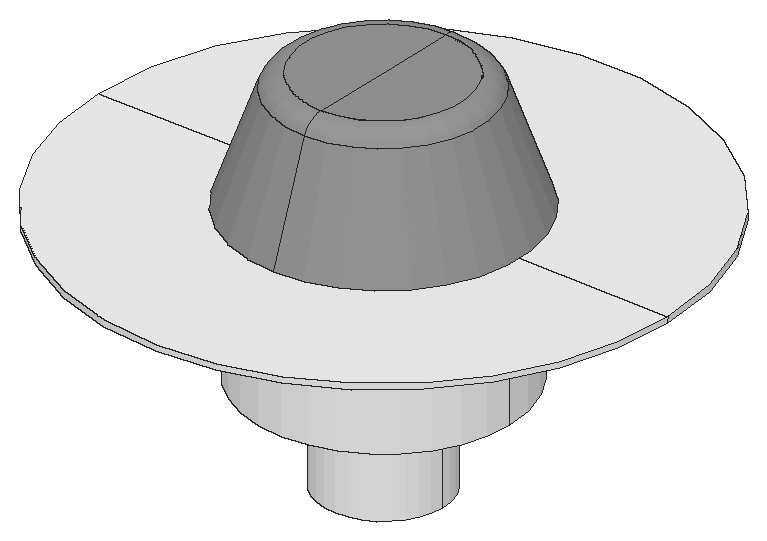
Revit family "HL_RU_Roof drain_HL62P-B-221103", category Sanitärinstallationen, Revit 2020
Family settings
  Bemaßung runder Anschluss = Durchmesser verwenden
  Teiletyp = Normal
  OmniClass-Nummer = 23.70.50.21.24.14
  OmniClass-Titel = Deck Waste Water Drains
  Arbeitsebenenbasiert = Nein
  Immer vertikal = Ja
  Beim Laden mit Abzugskörper schneiden = Nein
  Gemeinsam genutzt = Nein
  Raumberechnungspunkt = Ja
Parameters (values of type "HL_Кровельная воронка_HL62P_7")
  РЕШЁТКА = "Laubfangkorb d 145 mm"
  РАЗМЕР = "DN75"
  ПРОПУСКНАЯ СПОСОБНОСТЬ [instance] = 0.0 L/s
  ПРОИЗВОДИТЕЛЬНОСТЬ = "7,4 l/s"
  ПРАВОВАЯ ИНФОРМАЦИЯ = "Авторские права(©), права на дизайн или какие либо другие права интелектуальной собственности являются исключительной собственностью компании HL Hutterer & Lechner. Изменению не подлежит. Файл семейства с данными о прозводителе изделия защищен паролем с водяным знаком."
  НОМИНАЛЬНЫЙ ДИАМЕТР = 75 mm
  МАТЕРИАЛ = "PP/PVC"
  ВЫСОТА МОНТАЖА = "100 mm"
  ВЕС = "1,24 [kg]"
  Vorgabe-Ansicht = 0 mm
  Hersteller = "HL Hutterer & Lechner GmbH"  # constant formula
  URL = "http://www.hutterer-lechner.com/ru/products/catalog/roof-drains/HL62P/7.aspx"
  Материал плитка [instance] = none
  Lüftungsverbindung = no
  Abwasserrohrverbindung = yes
  HW-Verbindung = no
  KW-Verbindung = no
  Beschreibung = "Кровельные воронки"
  Model = "HL62P_7"
  Assembly Code = " "
  Typenkommentare = "HL62P/7 Кровельная воронка DN75 с ПВХ_консолью,"
  Keynote = "HL62P_7"
  Bысота монтажа [instance] = 0 mm  # constant formula
  G [instance] = 180.00°  # constant formula
  EAN = "9003076022144"
  D [instance] = if(НОМИНАЛЬНЫЙ ДИАМЕТР = 75 mm, 58 mm, 60 mm) + Bысота монтажа  # 58 mm
  C [instance] = if(Bысота монтажа - 68 mm < 0 mm, 0 mm, Bысота монтажа - 68 mm)  # 0 mm
  B [instance] = 100 mm  # constant formula
  A [instance] = if(B - 100 mm > 15 mm, B - 100 mm, 15 mm)  # 15 mm
Types (5, lengths in mm): name | РАЗМЕР | ПРОИЗВОДИТЕЛЬНОСТЬ | НОМИНАЛЬНЫЙ ДИАМЕТР | ВЕС | URL | Model | Typenkommentare | Keynote | EAN | D
  (no name) | "DN75" | "7,4 l/s" | 75 | "1,24 [kg]" | "http://www.hutterer-lechner.com/ru/products/catalog/roof-drains/HL62P/7.aspx" | "HL62P_7" | "HL62P/7 Кровельная воронка DN75 с ПВХ_консолью," | "HL62P_7" | "9003076022144" | 58
  HL_Кровельная воронка_HL62P_1 | "DN110" | "7,85 l/s" | 110 | "1,12 [kg]" | "http://www.hutterer-lechner.com/ru/products/catalog/roof-drains/HL62P/1.aspx" | "HL62P_1" | "HL62P/1 Кровельная воронка DN110 с ПВХ_консолью," | "HL62P_1" | "9003076022090" | 60
  HL_Кровельная воронка_HL62P_2 | "DN125" | "10,75 l/s" | 125 | "1,16 [kg]" | "http://www.hutterer-lechner.com/ru/products/catalog/roof-drains/HL62P/2.aspx" | "HL62P_2" | "HL62P/2 Кровельная воронка DN125 с ПВХ_консолью," | "HL62P_2" | "9003076022113" | 60
  HL_Кровельная воронка_HL62P_5 | "DN160" | "11,1 l/s" | 160 | "1,26 [kg]" | "http://www.hutterer-lechner.com/ru/products/catalog/roof-drains/HL62P/5.aspx" | "HL62P_5" | "HL62P/5 Кровельная воронка DN160 с ПВХ_консолью," | "HL62P_5" | "9003076022120" | 60
  HL_Кровельная воронка_HL62P_7 | "DN75" | "7,4 l/s" | 75 | "1,24 [kg]" | "http://www.hutterer-lechner.com/ru/products/catalog/roof-drains/HL62P/7.aspx" | "HL62P_7" | "HL62P/7 Кровельная воронка DN75 с ПВХ_консолью," | "HL62P_7" | "9003076022144" | 58
Reference planes
  plane 1 "Center (Front/Back)": y = 0
  plane 2: z = 0
  plane 3 "Center (Left/Right)": x = 0
  plane 4: z = -100
  plane 5: z = 0
Lines and regions (mm)
  model lines, style "InvisibleLines"
    curve 1: line (0, 0, 0) -> (0, 0, 20)
  model lines, style "PlumbingFixtures", detail levels coarse+medium
    curve 2: line (0, 0, -100) -> (0, 0, -85)
    curve 3: line (0, 0, -85) -> (-85, 0, 0)
    curve 4: line (0, 0, -85) -> (85, 0, 0)
    curve 6: line (0, 0, -100) -> (0, 0, -158)
  reference lines, not visible
    curve 5: line (0, 0, -100) -> (0, 0, -158)
  symbolic lines, style "PlumbingFixtures", detail levels coarse+medium
    curve 7: line (-75, 75, 0) -> (75, 75, 0)
    curve 8: line (-75, -75, 0) -> (-75, 75, 0)
    curve 9: line (75, -75, 0) -> (-75, -75, 0)
    curve 10: line (75, 75, 0) -> (75, -75, 0)
    curve 11: line (-75, 75, 0) -> (-145.711, 145.711, 0)
    curve 12: line (75, 75, 0) -> (145.711, 145.711, 0)
    curve 13: line (-75, -75, 0) -> (-145.711, -145.711, 0)
    curve 14: line (75, -75, 0) -> (145.711, -145.711, 0)
  symbolic lines, style "PlumbingFixtures", not visible, detail levels coarse+medium
    curve 15: line (-75, 75, 0) -> (75, 75, 0)
    curve 16: line (-75, -75, 0) -> (-75, 75, 0)
    curve 17: line (75, -75, 0) -> (-75, -75, 0)
    curve 18: line (75, 75, 0) -> (75, -75, 0)
    curve 19: line (-75, 75, 0) -> (-145.711, 145.711, 0)
    curve 20: line (75, 75, 0) -> (145.711, 145.711, 0)
    curve 21: line (-75, -75, 0) -> (-145.711, -145.711, 0)
    curve 22: line (75, -75, 0) -> (145.711, -145.711, 0)
Text (mm)
  text "FLOOR" at (-162.344, 0, -10.979), in view "Drain Construction View"
Dimensions and locks
  "B": plane 2 to plane 4
  "Bысота монтажа": plane 2 to plane 5
  "A": curve 4 to plane 4
  "D": curve 5 to curve 5
  "D": curve 6 to curve 6
  locked: curve 4 to plane 3 "Center (Left/Right)" (angle 45.00°)
  locked: plane 3 "Center (Left/Right)" to curve 3 (angle 45.00°)
  "G": angle curve 5 to plane 3 "Center (Left/Right)"
  aligned and locked: level to plane 2
  aligned and locked: plane 2 to curve 4
  aligned and locked: plane 2 to curve 3
  aligned and locked: plane 4 to curve 5
  aligned and locked: plane 3 "Center (Left/Right)" to curve 5
  aligned and locked: plane 4 to curve 2
  aligned and locked: curve 6 to plane 3 "Center (Left/Right)"
  aligned and locked: curve 6 to plane 4
  aligned and locked: nested 1 to plane 5
  aligned and locked: plane 3 "Center (Left/Right)" to nested 1
  aligned and locked: plane 2 to nested 2
  aligned and locked: plane 3 "Center (Left/Right)" to nested 2
Automatic sketch dimensions
  curve 2 to plane 3 "Center (Left/Right)" = 0 mm
  curve 1 to plane 3 "Center (Left/Right)" = 0 mm
  curve 1 to level = 0 mm
  level to curve 1 = 20 mm
Nested families
  nested 1: "HL_кровельные воронки - корпус_HL62P" at (0, 0, 0), НОМИНАЛЬНЫЙ ДИАМЕТР <- "НОМИНАЛЬНЫЙ ДИАМЕТР", type "HL_кровельные воронки - корпус_HL62P"
    with НОМИНАЛЬНЫЙ ДИАМЕТР 75 mm, L 62 mm
  nested 2: "HL_Вспомогательные материалы-Противопожарная защита_HL062.1E" at (0, 0, 0), type "HL_Вспомогательные материалы-Противопожарная защита_HL062.1E"
Connectors
  piping at (0, 0, -158), diameter 75, driven by "ПРОПУСКНАЯ СПОСОБНОСТЬ", driven by "НОМИНАЛЬНЫЙ ДИАМЕТР"
    settings: on curve 5, index 1, connector inside diameter 609.6 mm, connector length 0 mm, flow factor 0, pipe flow 0.0 L/s, pressure drop 0.0 Pa, fitting loss kfactor 0, connector angle 0.00°, fixture units 0, engagement length 0 mm, angle of deflection 0.00°, flow configuration 1, flow direction 2, fitting loss method 0, system type 16, joint type 0, gender type 0, connector reference index -1, connector utility 0, adjustable connector yes, is connector primary yes, connector description ""
Definition of nested family "HL_кровельные воронки - корпус_HL62P"
  Parameters (values of type "HL_кровельные воронки - корпус_HL62P")
    НОМИНАЛЬНЫЙ ДИАМЕТР [instance] = 110 mm
    Default Elevation = 0 mm
    Manufacturer = ""
    URL = ""
    Description = ""
    Model = ""
    L [instance] = if(НОМИНАЛЬНЫЙ ДИАМЕТР = 75 mm, 62 mm, 64 mm)  # 64 mm
    Type Comments = ""
    Cost = 0
  Reference planes
    plane 1 "Střed (vpředu/vzadu)": y = 0
    plane 2: z = 0
    plane 3 "Střed (vlevo/vpravo)": x = 0
    plane 4: z = -96
  Forms (mm)
    Revolve 1, solid, detail levels fine
      sketch origin (0, 0, 0) x (1, 0, 0) y (0, 0, 1)
        loop
          line (-180, -3.5) -> (-82.249, -3.5) -> (-82.249, -17.614) -> (-80.086, -21.361) -> (-80.086, -96) -> (0, -96) -> (0, -32.798) -> (-64.677, -32.798) -> (-66.635, -30.2) -> (-74.72, -30.2) -> (-74.72, -23.557) -> (-78.967, -16.49) -> (-78.967, 0) -> (-180, 0) -> (-180, -3.5)
        axis (0, 0) -> (0, -96)
      angle from 0 to 360
    Extrusion 2, solid, detail levels fine
      sketch origin (-80.086, -1524, -96) x (-1, 0, 0) y (0, -1, 0)
        loop
          circle (-80.086, -1524) r 55
      from 0 to -64
  Dimensions and locks
    "L": plane 4 to Extrusion 2
    "НОМИНАЛЬНЫЙ ДИАМЕТР": diameter of Extrusion 2 sketch curve
    aligned and locked: level to plane 2
  Automatic sketch dimensions
    Revolve 1 sketch curve to level = 0 mm
    Revolve 1 sketch curve to plane 3 "Střed (vlevo/vpravo)" = 0 mm  (x2)
    Revolve 1 sketch curve to plane 3 "Střed (vlevo/vpravo)" = 64.677 mm
    Revolve 1 sketch curve to level = 30.2 mm
    Revolve 1 sketch curve to Revolve 1 sketch curve = 1.958 mm
    Revolve 1 sketch curve to level = 23.557 mm
    Revolve 1 sketch curve to Revolve 1 sketch curve = 8.085 mm
    Revolve 1 sketch curve to Revolve 1 sketch curve = 4.247 mm
    Revolve 1 sketch curve to Revolve 1 sketch curve = 1.12 mm
    Revolve 1 sketch curve to Revolve 1 sketch curve = 3.283 mm
    Revolve 1 sketch curve to level = 3.5 mm
    Revolve 1 sketch curve to Revolve 1 sketch curve = 97.751 mm
    Revolve 1 sketch curve to Revolve 1 sketch curve = 2.599 mm
    Revolve 1 sketch curve to Revolve 1 sketch curve = 63.201 mm
    Revolve 1 sketch curve to Revolve 1 sketch curve = 2.197 mm
    Revolve 1 sketch curve to Revolve 1 sketch curve = 3.747 mm
    Revolve 1 sketch curve to Revolve 1 sketch curve = 1.124 mm
    level to Revolve 1 sketch curve = 45 mm
    Revolve 1 sketch curve to Revolve 1 sketch curve = 80 mm
    plane 1 "Střed (vpředu/vzadu)" to Extrusion 2 sketch curve = 0 mm
    Extrusion 2 sketch curve to plane 3 "Střed (vlevo/vpravo)" = 0 mm
Definition of nested family "HL_Вспомогательные материалы-Противопожарная защита_HL062.1E"
  Parameters
    ПРАВОВАЯ ИНФОРМАЦИЯ = ""
    ВЕС = "0,097 [kg]"
    Default Elevation = 0 mm
    Manufacturer = ""
    URL = ""
    Материал плитка = none
    Description = ""
    Model = ""
    Type Comments = "HL062.1E, domed plastic grate"
    Keynote = ""
    Пропускная способность [instance] = 0.0 L/s
    EAN = "9003076006212"
    Cost = 0
  Types (2, lengths in mm): name | ПРАВОВАЯ ИНФОРМАЦИЯ | Manufacturer | URL | Description | Model | Type Comments | Keynote
    (no name) | "" | "" | "" | "" | "" | "HL062.1E, domed plastic grate" | ""
    HL_Вспомогательные материалы-Противопожарная защита_HL062.1E | "Авторские права(©), права на дизайн или какие либо другие права интелектуальной собственности являются исключительной собственностью компании HL Hutterer & Lechner. Изменению не подлежит. Файл семейства с данными о прозводителе изделия защищен паролем с водяным знаком." | "HL Hutterer & Lechner GmbH" | "http://www.hutterer-lechner.com/ru/products/catalog/roof-drains/HL062.1E.aspx" | "Кровельные воронки" | "HL062.1E" | "HL062.1E, Листвоуловитель" | "HL062.1E"
  Reference planes
    plane 1 "Střed (vpředu/vzadu)": y = 0
    plane 2: z = 0
    plane 3 "Střed (vlevo/vpravo)": x = 0
  Forms (mm)
    Revolve 1, solid, detail levels fine
      sketch origin (0, 0, 0) x (0, 1, 0) y (0, 0, 1)
        loop
          line (0, 75) -> (0, 60.2) -> (47.074, 60.2) -> (68.985, 0) -> (86.249, 0) -> (61.992, 66.646)
          arc (61.992, 66.646) -> (56.733, 72.731) -> (49.016, 75) r 14.255
          line (49.016, 75) -> (0, 75)
        axis (0, 75) -> (0, 0)
      angle from 0 to 360
    Extrusion 2, solid, detail levels fine
      sketch origin (0, 0, 0) x (0, 1, 0) y (1, 0, 0)
        loop
          circle (0, 0) r 78.587
        loop
          circle (0, 0) r 70.981
      from 0 to 16.7
    Extrusion 3, solid, detail levels fine
      sketch origin (0, 0, -16.7) x (-1, 0, 0) y (0, 1, 0)
        loop
          circle (0, 0) r 70
        loop
          circle (0, 0) r 74.546
      from 0 to 12.3
  Dimensions and locks
    aligned and locked: level to plane 2
